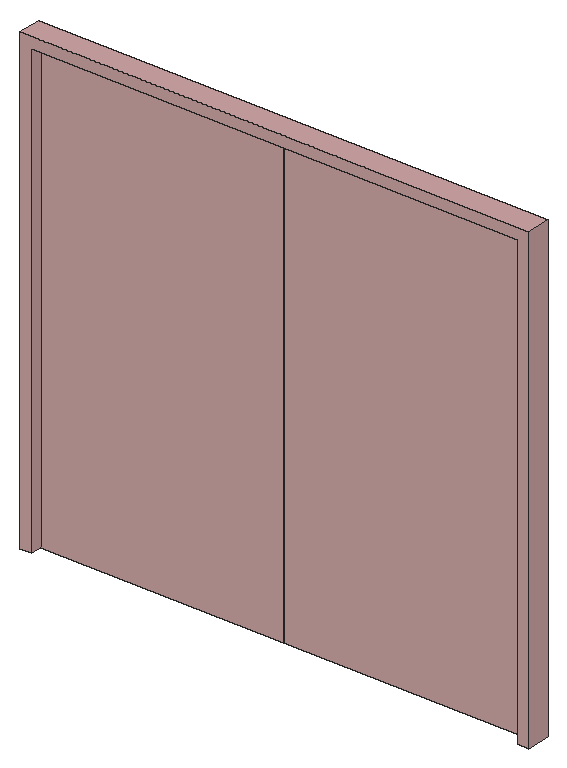
Revit family "door_doubleswing", category Doors, host Wall, Revit 2015
Parameters (values of type "2200w x 2000h")
  WidthPanel = (Width - 100 mm) / 2  # 1050 mm
  MY Revit Website = "http://revit.sg"
  Function = Interior
  Frame Projection Ext. = 25 mm
  Frame Projection Int. = 25 mm
  Frame Width = 75 mm
  Height = 2000 mm
  Wall Closure = By host
  Width = 2200 mm
  FREE Revit Family -  Revit.SG = "http://revit.sg"
  Creator = "Gary Lim"  # constant formula
Reference planes
  plane 1: y = 0
  plane 2 "Center (Left/Right)": x = 0
  plane 3 "Left": x = -1100
  plane 4 "Right": x = 1100
  plane 5: z = 2000
  plane 6 "Exterior": y = 75
  plane 7 "Interior": y = -75
  plane 8 "jamb_depth": x = 450
  plane 9 "panel_thickness": y = 25
  plane 10 "Panel_Plan1": x = -1050
  plane 11: y = 1125
Forms (mm)
  Sweep 1, solid, material "Timber"
    path origin (0, 75, 0) x (1, 0, 0) y (0, 0, 1)
      loop
        line (1100, 0) -> (1100, 2000) -> (-1100, 2000) -> (-1100, 0)
    profile origin (1100, 75, 1000) x (-1, 0, 0) y (0, -1, 0)
      loop
        line (0, 0) -> (50, 0) -> (50, 100) -> (0, 100) -> (0, 0)
  Extrusion 2, solid, material "Timber"
    sketch origin (0, 0, 0) x (1, 0, 0) y (0, 1, 0)
      loop
        line (0, 75) -> (0, 25) -> (1050, 25) -> (1050, 75) -> (0, 75)
    from 0 to 1950
  Extrusion 3, solid, material "Timber"
    sketch origin (0, 0, 0) x (-1, 0, 0) y (0, -1, 0)
      loop
        line (0, -75) -> (1050, -75) -> (1050, -25) -> (0, -25) -> (0, -75)
    from 0 to 1950
Lines and regions (mm)
  Opening 1
    outline origin (-3050, -75, 0) x (1, 0, 0) y (0, 0, 1)
      loop
        line (1950, 0) -> (4150, 0) -> (4150, 2000) -> (1950, 2000) -> (1950, 0)
  symbolic lines, style "Elevation Swing"
    curve 1: line (1050, -75, 1000) -> (0, -75, 1950)
    curve 2: line (1050, -75, 1000) -> (0, -75, 0)
    curve 3: line (-1050, -75, 1000) -> (0, -75, 1950)
    curve 4: line (-1050, -75, 1000) -> (0, -75, 0)
  symbolic lines
    curve 5: line (-1050, 1125, 0) -> (-1050, 75, 0)
    curve 7: line (1050, 1125, 0) -> (1050, 75, 0)
  symbolic lines, style "Plan Swing"
    curve 6: arc (-1050, 1125, 0) -> (-307.538, 817.462, 0) -> (0, 75, 0) r 1050
    curve 8: arc (1050, 1125, 0) -> (307.538, 817.462, 0) -> (0, 75, 0) r 1050
Text (mm)
  text "Exterior" at (-2295.016, 1099.543, 0), in view "Ref. Level"
  text "Exterior" at (0, 1615.38, 3698.081), in view "Left"
  text "Exterior" at (0, 1036.032, 3874.932), in view "Right"
Dimensions and locks
  equal spacing: plane 3 "Left", plane 2 "Center (Left/Right)", plane 4 "Right"
  "Width": plane 3 "Left" to plane 4 "Right"
  "Height": plane 5 to host wall
  equal spacing: host wall, curve 2, plane 5
  host wall to plane 5 = 2000 mm
  locked: plane 6 "Exterior" to host wall at 0
  locked: plane 7 "Interior" to host wall
  locked: Sweep 1 sketch curve to Sweep 1 sketch curve at 50
  locked: Sweep 1 sketch curve to Sweep 1 sketch curve at 100
  locked: Extrusion 3 sketch curve to Extrusion 3 sketch curve at 50
  locked: Extrusion 2 sketch curve to Extrusion 2 sketch curve at 50
  locked: plane 3 "Left" to plane 10 "Panel_Plan1" at 50
  aligned and locked: plane 3 "Left" to Opening 1 sketch curve
  aligned and locked: plane 5 to Opening 1 sketch curve  (x2)
  aligned and locked: Opening 1 sketch curve to plane 4 "Right"
  aligned and locked: Opening 1 sketch curve to level
  aligned and locked: plane 1 to host wall
  aligned and locked: Sweep 1 sketch curve to profile plane
  aligned and locked: Sweep 1 sketch curve to host wall
  aligned and locked: Extrusion 2 sketch curve to host wall
  aligned and locked: Extrusion 2 sketch curve to Sweep 1
  aligned and locked: Extrusion 2 to plane 2 "Center (Left/Right)"
  aligned and locked: plane 5 to Sweep 1 sketch curve
  aligned and locked: Extrusion 2 to Sweep 1
  aligned and locked: plane 4 "Right" to Sweep 1 sketch curve
  aligned and locked: Sweep 1 sketch curve to plane 3 "Left"
  aligned and locked: Extrusion 3 to Sweep 1
  aligned and locked: curve 2 to Extrusion 2
  aligned and locked: host wall to Extrusion 3
  aligned and locked: Extrusion 2 to plane 6 "Exterior"
  aligned and locked: plane 10 "Panel_Plan1" to curve 5
  aligned and locked: curve 6 to Extrusion 3
  aligned and locked: plane 2 "Center (Left/Right)" to curve 6
  aligned and locked: curve 7 to Extrusion 2
Automatic sketch dimensions
  Sweep 1 sketch curve to level = 0 mm  (x2)
  curve 1 to plane 2 "Center (Left/Right)" = 0 mm
  curve 2 to level = 0 mm
  plane 4 "Right" to curve 2 = 50 mm
  plane 5 to curve 1 = 50 mm
  Extrusion 2 sketch curve to plane 2 "Center (Left/Right)" = 0 mm
  Extrusion 3 sketch curve to plane 2 "Center (Left/Right)" = 0 mm
  Extrusion 3 sketch curve to plane 9 "panel_thickness" = 0 mm
  Extrusion 3 sketch curve to plane 10 "Panel_Plan1" = 0 mm
  plane 10 "Panel_Plan1" to curve 4 = 0 mm
  curve 4 to level = 0 mm
  curve 4 to plane 2 "Center (Left/Right)" = 0 mm
  curve 3 to plane 2 "Center (Left/Right)" = 0 mm
  level to curve 4 = 1000 mm
  plane 5 to curve 3 = 50 mm
  curve 8 to host wall = 0 mm
  curve 8 to plane 2 "Center (Left/Right)" = 0 mm
  curve 5 to host wall = 0 mm
  curve 7 to host wall = 0 mm
